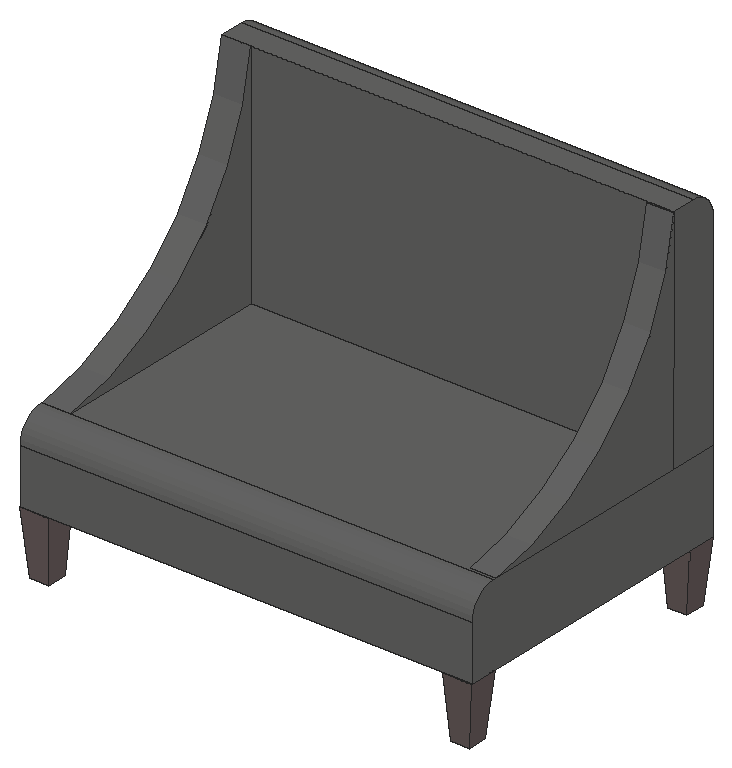
Revit family "Modern_Couch_12569", category Мебель, Revit 2017
Family settings
  Номер OmniClass = 23.40.20.00
  Заголовок OmniClass = General Furniture and Specialties
  На основе рабочей плоскости = Нет
  Всегда вертикально = Да
  При загрузке вырезать с полостями = Нет
  Общий = Нет
  Точка расчета площади = Нет
Parameters
  wood legs = wood legs
  couch fabric = Couch 1
Reference planes (in)
  plane 1 "Center Front/Back": y = 0
  plane 2: z = 0
  plane 3 "Center Left/Right": x = 0
Forms (in)
  Extrusion 1, solid, material "Couch 1"
    sketch origin (0, 0, 0) x (1, 0, 0) y (0, 1, 0)
      loop
        line (-22.96774, 35.21875) -> (-22.96774, 4) -> (24.03226, 4) -> (24.03226, 35.21875) -> (-22.96774, 35.21875)
    from 6.49435 to 15
  Extrusion 2, solid, material "Couch 1"
    sketch origin (0, 0, 0) x (1, 0, 0) y (0, 1, 0)
      loop
        line (-22.96774, 35.21875) -> (-22.96774, 30.21875) -> (24.03226, 30.21875) -> (24.03226, 35.21875) -> (-22.96774, 35.21875)
    from 15 to 39
  Blend 3, solid, material "wood legs"
    base sketch origin (0, 0, 0) x (1, 0, 0) y (0, 1, 0)
      loop
        line (-22.2334, 34.57973) -> (-22.2334, 32.57973) -> (-20.2334, 32.57973) -> (-20.2334, 34.57973) -> (-22.2334, 34.57973)
    top sketch origin (0, 0, 0) x (1, 0, 0) y (0, 1, 0)
      loop
        line (-22.96774, 35.21875) -> (-22.96774, 32.21875) -> (-19.96774, 32.21875) -> (-19.96774, 35.21875) -> (-22.96774, 35.21875)
    from 0 to 6.49435
  Blend 4, solid, material "wood legs"
    base sketch origin (-0.0166, -28.25, 0) x (1, 0, 0) y (0, 1, 0)
      loop
        line (-22.2334, 34.57973) -> (-22.2334, 32.57973) -> (-20.2334, 32.57973) -> (-20.2334, 34.57973) -> (-22.2334, 34.57973)
    top sketch origin (-0.0166, -28.25, 0) x (1, 0, 0) y (0, 1, 0)
      loop
        line (-22.96774, 35.21875) -> (-22.96774, 32.21875) -> (-19.96774, 32.21875) -> (-19.96774, 35.21875) -> (-22.96774, 35.21875)
    from 0 to 6.49435
  Blend 5, solid, material "wood legs"
    base sketch origin (1.04792, 67.4375, 0) x (-1, 0, 0) y (0, -1, 0)
      loop
        line (-22.2334, 34.57973) -> (-22.2334, 32.57973) -> (-20.2334, 32.57973) -> (-20.2334, 34.57973) -> (-22.2334, 34.57973)
    top sketch origin (1.04792, 67.4375, 0) x (-1, 0, 0) y (0, -1, 0)
      loop
        line (-22.96774, 35.21875) -> (-22.96774, 32.21875) -> (-19.96774, 32.21875) -> (-19.96774, 35.21875) -> (-22.96774, 35.21875)
    from 0 to 6.49435
  Blend 6, solid, material "wood legs"
    base sketch origin (1.04792, 39.1875, 0) x (-1, 0, 0) y (0, -1, 0)
      loop
        line (-22.2334, 34.57973) -> (-22.2334, 32.57973) -> (-20.2334, 32.57973) -> (-20.2334, 34.57973) -> (-22.2334, 34.57973)
    top sketch origin (1.04792, 39.1875, 0) x (-1, 0, 0) y (0, -1, 0)
      loop
        line (-22.96774, 35.21875) -> (-22.96774, 32.21875) -> (-19.96774, 32.21875) -> (-19.96774, 35.21875) -> (-22.96774, 35.21875)
    from 0 to 6.49435
  Extrusion 7, solid, material "Couch 1"
    sketch origin (0, -0.02253, 0) x (0, 1, 0) y (0, 0, 1)
      loop
        arc (30.21875, 39) -> (22.7259, 22.93167) -> (6.86958, 15) r 26.93879
        line (6.86958, 15) -> (30.21875, 15) -> (30.21875, 39)
    from -22.96774 to -19.96774
  Extrusion 8, solid, material "Couch 1"
    sketch origin (0, -0.091, -0.08706) x (0, 1, 0) y (0, 0, 1)
      loop
        arc (30.21875, 39) -> (22.7259, 22.93167) -> (6.86958, 15) r 26.93879
        line (6.86958, 15) -> (30.21875, 15) -> (30.21875, 39)
    from 21.28132 to 24.03226
  Extrusion 9, void
    sketch origin (0, 0, 0) x (0, 1, 0) y (0, 0, 1)
      loop
        line (6.77858, 15) -> (4, 15) -> (4, 12.22142)
        arc (4, 12.22142) -> (4.81383, 14.18617) -> (6.77858, 15) r 2.77858
    from -22.96774 to 24.03226
  Extrusion 10, void
    sketch origin (0, 0, 0) x (0, 1, 0) y (0, 0, 1)
      loop
        arc (32.71875, 39) -> (34.37502, 38.38075) -> (35.21875, 36.82678) r 2.52457
        line (35.21875, 36.82678) -> (35.21875, 39) -> (32.71875, 39)
    from -22.96774 to 24.03226
Cuts and joins
  Extrusion 9 cuts Extrusion 1
  Extrusion 10 cuts Extrusion 2
Dimensions and locks (in)
  aligned and locked: level to plane 2
